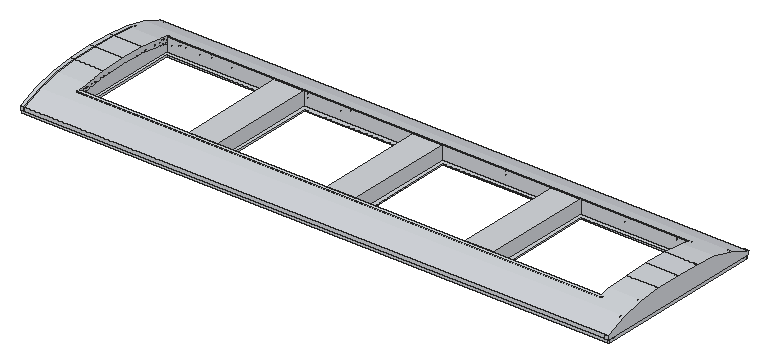
Revit family "Gira_021407", category Electrical Fixtures, host Face, Revit 2017
Family settings
  Host = Face
  Maintain Annotation Orientation = No
  Round Connector Dimension = Use Diameter
  Part Type = Normal
  Cut with Voids When Loaded = No
  Shared = No
  Room Calculation Point = No
Parameters (values of type "Abdeckrahmen 4f Zwischenr. AN Gira Event Reinweiß m")
  Werkstoffgüte = "Thermoplast"
  Werkstoff = "Kunststoff"
  URL = "http://katalog.gira.de/de_DE/datenblatt.html?artikelnr=021407"
  Transparent = "No"
  Textfeld/Beschriftungsfläche = "No"
  Schutzart (IP) = "IP20"
  Region = "DE"
  Oberfläche = "sonstige"
  Name = "Abdeckrahmen 4f Zwischenr. AN Gira Event Reinweiß m"
  Montagerichtung = "horizontal und vertikal"
  Mit Montagerahmen = "No"
  Mit Klappdeckel = "No"
  Manufacturer URL = "https://www.gira.de/"
  Keynote = "Event_Rahmen_4fach"
  HeinzeBIM = "https://bimportal.heinze.de/bim/abdeckrahmen-4f-zwischenr-an-gira-event-reinweiss-m/b3e5ca9d17540028e93629af5a46acf671ed06f0"
  Halogenfrei = "Yes"
  HAN = "021407"
  Geeignet für Unterputz-Installation = "Yes"
  Geeignet für Unterflurkanaldose = "No"
  Geeignet für Geräteeinbaukanal = "No"
  Geeignet für Einbauinstallation = "No"
  GTIN = "4010337214076"
  Farbe = "weiß"
  Default Elevation = 1219.2 mm
  Data sheet (1) = "https://katalog.gira.de/de_DE/download.html?artikelnr=021407"
  Category = "Abdeckrahmen"
  Befestigungsart = "Klemmbefestigung"
  Available = "Yes"
  Anzahl der Einheiten vertikal = "4 "
  Anzahl der Einheiten horizontal = "4 "
  Anzahl der Einheiten = "4 "
Reference planes
  plane 1 "Center (Front/Back)": y = 0
  plane 2: z = 0
  plane 3 "Center (Left/Right)": x = 0
Forms (mm)
  Extrusion 1, solid, detail levels fine
    sketch origin (0, 0, 0.05) x (0, 1, 0) y (0, 0, 1)
      loop
        arc (12.445, 9.683) -> (6.223, 9.833) -> (0, 9.85) r 291.636
        arc (0, 9.85) -> (-6.223, 9.833) -> (-12.445, 9.683) r 291.636
        arc (-12.445, 9.683) -> (-29.14, 7.482) -> (-45, 1.823) r 79.728
        line (-45, 1.823) -> (-45, -0.05) -> (-42.086, -0.05)
        arc (-42.086, -0.05) -> (-21.385, 5.559) -> (0, 7.206) r 114.424
        arc (0, 7.206) -> (21.385, 5.559) -> (42.086, -0.05) r 114.424
        line (42.086, -0.05) -> (45, -0.05) -> (45, 1.823)
        arc (45, 1.823) -> (29.14, 7.482) -> (12.445, 9.683) r 79.728
    from -151.95 to 151.935
  Extrusion 2, void, detail levels fine
    sketch origin (0, 0, 0) x (1, 0, 0) y (0, 1, 0)
      loop
        line (134.95, 28.035) -> (-134.95, 28.035) -> (-134.95, -28.035) -> (134.95, -28.035) -> (134.95, 28.035)
    from 0.724 to 11
  Extrusion 3, solid, detail levels coarse
    sketch origin (0, 0, 0) x (1, 0, 0) y (0, 1, 0)
      loop
        line (-151.95, 45) -> (-151.95, -45) -> (151.935, -45) -> (151.935, 45) -> (-151.95, 45)
    from -1.5 to 9.9
  Extrusion 4, solid, detail levels medium
    sketch origin (0, 0, 0.05) x (0, 1, 0) y (0, 0, 1)
      loop
        arc (12.445, 9.683) -> (6.223, 9.833) -> (0, 9.85) r 291.636
        arc (0, 9.85) -> (-6.223, 9.833) -> (-12.445, 9.683) r 291.636
        arc (-12.445, 9.683) -> (-29.14, 7.482) -> (-45, 1.823) r 79.728
        line (-45, 1.823) -> (-45, -0.05) -> (45, -0.05) -> (45, 1.823)
        arc (45, 1.823) -> (29.14, 7.482) -> (12.445, 9.683) r 79.728
    from -151.95 to 151.935
  Extrusion 5, solid, detail levels fine
    sketch origin (-106.95, 0, -1.5) x (0, 1, 0) y (0, 0, -1)
      loop
        line (45, -3.373) -> (45, -1.5) -> (-45, -1.5) -> (-45, -3.373)
        arc (-45, -3.373) -> (-29.14, -9.032) -> (-12.445, -11.233) r 79.728
        arc (-12.445, -11.233) -> (-6.223, -11.383) -> (0, -11.4) r 291.636
        arc (0, -11.4) -> (6.223, -11.383) -> (12.445, -11.233) r 291.636
        arc (12.445, -11.233) -> (29.14, -9.032) -> (45, -3.373) r 79.728
    from 43 to 45
  Extrusion 6, solid, detail levels fine
    sketch origin (0, 0, 0) x (1, 0, 0) y (0, 1, 0)
      loop
        line (-132.85, 25.7) -> (-132.85, -25.7) -> (-81.05, -25.7) -> (-81.05, 25.7) -> (-132.85, 25.7)
      loop
        line (-9.755, -25.7) -> (-9.755, 25.7) -> (-61.555, 25.7) -> (-61.555, -25.7) -> (-9.755, -25.7)
      loop
        line (-135.845, 28.49) -> (-135.845, -28.495)
        spline (-135.845, -28.495) -> (-135.836, -28.625) -> (-135.811, -28.754) -> (-135.769, -28.878) -> (-135.711, -28.995) -> (-135.638, -29.104) -> (-135.552, -29.202) -> (-135.454, -29.288) -> (-135.345, -29.361) -> (-135.228, -29.419) -> (-135.104, -29.461) -> (-134.975, -29.486) -> (-134.845, -29.495)
        line (-134.845, -29.495) -> (134.845, -29.495)
        spline (134.845, -29.495) -> (134.975, -29.486) -> (135.104, -29.461) -> (135.228, -29.419) -> (135.345, -29.361) -> (135.454, -29.288) -> (135.552, -29.202) -> (135.638, -29.104) -> (135.711, -28.995) -> (135.769, -28.878) -> (135.811, -28.754) -> (135.836, -28.625) -> (135.845, -28.495)
        line (135.845, -28.495) -> (135.845, 28.49)
        spline (135.845, 28.49) -> (135.836, 28.62) -> (135.811, 28.748) -> (135.769, 28.872) -> (135.711, 28.99) -> (135.638, 29.098) -> (135.552, 29.197) -> (135.454, 29.283) -> (135.345, 29.356) -> (135.228, 29.413) -> (135.104, 29.456) -> (134.975, 29.481) -> (134.845, 29.49)
        line (134.845, 29.49) -> (-134.845, 29.49)
        spline (-134.845, 29.49) -> (-134.975, 29.481) -> (-135.104, 29.456) -> (-135.228, 29.413) -> (-135.345, 29.356) -> (-135.454, 29.283) -> (-135.552, 29.197) -> (-135.638, 29.098) -> (-135.711, 28.99) -> (-135.769, 28.872) -> (-135.811, 28.748) -> (-135.836, 28.62) -> (-135.845, 28.49)
      loop
        line (61.545, -25.7) -> (61.545, 25.7) -> (9.745, 25.7) -> (9.745, -25.7) -> (61.545, -25.7)
      loop
        line (132.85, -25.7) -> (132.85, 25.7) -> (81.05, 25.7) -> (81.05, -25.7) -> (132.85, -25.7)
    from 0.1 to 7.3
  Extrusion 7, solid
    sketch origin (0, 0, 0) x (1, 0, 0) y (0, 1, 0)
      loop
        arc (-151.65, -44.218) -> (-151.504, -44.572) -> (-151.15, -44.718) r 0.5
        line (-151.15, -44.718) -> (151.15, -44.718)
        arc (151.15, -44.718) -> (151.504, -44.572) -> (151.65, -44.218) r 0.5
        line (151.65, -44.218) -> (151.65, 44.182)
        arc (151.65, 44.182) -> (151.504, 44.535) -> (151.15, 44.682) r 0.5
        line (151.15, 44.682) -> (-151.15, 44.682)
        arc (-151.15, 44.682) -> (-151.504, 44.535) -> (-151.65, 44.182) r 0.5
        line (-151.65, 44.182) -> (-151.65, -44.218)
      loop
        line (-149.95, 42.982) -> (-149.95, -43.018) -> (149.95, -43.018) -> (149.95, 42.982) -> (-149.95, 42.982)
    from -1.5 to 0.5
  Extrusion 8, solid, detail levels fine
    sketch origin (106.935, 0, -1.5) x (0, 1, 0) y (0, 0, 1)
      loop
        arc (45, 3.373) -> (29.14, 9.032) -> (12.445, 11.233) r 79.728
        arc (12.445, 11.233) -> (6.223, 11.383) -> (0, 11.4) r 291.636
        arc (0, 11.4) -> (-6.223, 11.383) -> (-12.445, 11.233) r 291.636
        arc (-12.445, 11.233) -> (-29.14, 9.032) -> (-45, 3.373) r 79.728
        line (-45, 3.373) -> (-45, 1.5) -> (45, 1.5) -> (45, 3.373)
    from 43 to 45
  Extrusion 9, solid, detail levels medium
    sketch origin (0, 0, 0) x (1, 0, 0) y (0, 1, 0)
      loop
        line (-151.65, -44.718) -> (151.65, -44.718) -> (151.65, 44.682) -> (-151.65, 44.682) -> (-151.65, -44.718)
    from -1.5 to 0.5
  Extrusion 10, solid, detail levels fine
    sketch origin (-69.857, 0, 0) x (1, 0, 0) y (0, 1, 0)
      loop
        line (-8.943, 28.063) -> (-8.943, -27.937) -> (6.057, -27.937) -> (6.057, 28.063) -> (-8.943, 28.063)
    from 0.724 to 7.566
  Extrusion 11, solid, detail levels fine
    sketch origin (-1.443, 0, 0) x (-1, 0, 0) y (0, -1, 0)
      loop
        line (-8.943, -28.063) -> (6.057, -28.063) -> (6.057, 27.937) -> (-8.943, 27.937) -> (-8.943, -28.063)
    from 0.724 to 7.566
  Extrusion 12, solid, detail levels fine
    sketch origin (69.857, 0, 0) x (-1, 0, 0) y (0, -1, 0)
      loop
        line (-8.943, -28.063) -> (6.057, -28.063) -> (6.057, 27.937) -> (-8.943, 27.937) -> (-8.943, -28.063)
    from 0.724 to 7.566
Cuts and joins
  Extrusion 2 cuts Extrusion 1
  Extrusion 2 cuts Extrusion 6
Dimensions and locks
  aligned and locked: plane 2 to host face
  aligned and locked: level to host face
